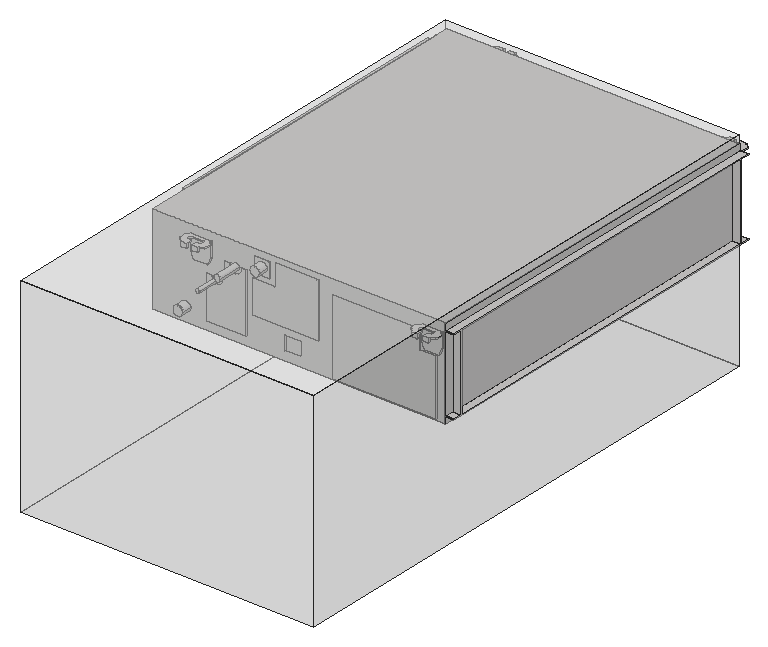
Revit family "outputfile", category 機械設備, Revit 2024
Family settings
  丸型コネクタ寸法 = 半径を使用
  パーツ タイプ = 標準
  OmniClass 番号 = 23.75.10.24.21.27.27
  OmniClass タイトル = Split System Air Conditioning Units
  作業面ベース = いいえ
  常に垂直 = はい
  ロード時にボイドで切り取り = いいえ
  注釈の向きを維持 = いいえ
  共有 = いいえ
  部屋計算ポイント = はい
Parameters (values of type "FBA24BV2S9")
  Description = ""
  製造元 = "Daikin"
  書き出し IFC クラス(タイプ) = "IfcUnitaryEquipmentType"
  定義済み IFC タイプ(タイプ) = "AIRCONDITIONINGUNIT"
  Cost = 0
  モデル = "FBA24BV2S9"
  Type Comments = ""
  Keynote = ""
  Type Image = (empty or 0)
  Assembly Code = ""
  switch_frequency = yes
  r_Liquid Pipe Size = Liquid Pipe Size / 2  # 4.75 mm
  r_Gas Pipe Size = Gas Pipe Size / 2  # 7.95 mm
  r_Drain Pipe Size = Drain Pipe Size / 2  # 12.5 mm
  lw_power = 770.0 mm  # constant formula
  lh_SA = 138.0 mm  # constant formula
  lw_SA = if(Depth = 550.0 mm, 225.0 mm, if(Depth = 700.0 mm, 300.0 mm, if(Depth = 1000.0 mm, 450.0 mm, if(Depth = 1400.0 mm, 650.0 mm, 725.0 mm))))  # 450.0 mm
  lw_RA = if(Depth = 550.0 mm, 275.0 mm, if(Depth = 700.0 mm, 349.0 mm, if(Depth = 1000.0 mm, 499.0 mm, if(Depth = 1400.0 mm, 699.0 mm, 775.0 mm))))  # 499.0 mm
  lh_power = 60.0 mm + [h***]  # 60.0 mm
  lh_mountinghole1 = lh_mountinghole + [h***]  # 222.0 mm
  lh_RA = 123.0 mm  # constant formula
  ld_power = Depth / 2  # 500.0 mm
  connector_voltage = Voltage_50Hz  # 220 V
  connector_powerinput = [Power Input (Cooling)]  # 1.950 kW
  connector_phase = Phase_50Hz  # 1
  Voltage_comment_50Hz = "220 - 240"
  Voltage_50Hz = 220 V
  URL = ""
  Supply Air Direction [instance] = yes
  Sound Power Level_H speed (dB) = 0
  Phase_50Hz = 1
  Minimum External Static Pressure = 50.00 Pa
  Minimum Circuit Amps_50Hz = 1.8 A
  Maximum Fuse Amps_50Hz = 16.0 A
  Maximum External Static Pressure = 150.00 Pa
  Material_Casing = DAIKIN_GalvanizedSteel_Casing_indoorunit
  lw_mountinghole = 630.0 mm  # constant formula
  lh_gaspipe = 183.0 mm + [h***]  # 183.0 mm
  lh_mountinghole = 222.0 mm  # constant formula
  lh_liquidpipe = 136.0 mm + [h***]  # 136.0 mm
  lh_drainpipe = 207.0 mm + [h***]  # 207.0 mm
  lh_antena = Height - lh_mountinghole + 1.0 mm  # 24.0 mm
  ld_drainpipe = Depth / 2 + 26.0 mm  # 526.0 mm
  ld_liquidpipe = Depth / 2 + 69.0 mm  # 569.0 mm
  ld_gaspipe = Depth / 2 + 65.0 mm  # 565.0 mm
  ld_mountinghole = Depth + 38.0 mm  # 1038.0 mm
  h*** = 0.0 mm  # constant formula
  lw_liquidpipe = 179.0 mm  # constant formula
  lw_gaspipe = 229.0 mm  # constant formula
  lw_drainpipe = 300.0 mm  # constant formula
  Width = 800.0 mm
  Version = "ver.1.0"
  Unit Type = "M.S.P. Duct"
  Unit Mass Weight = 37.00 kg
  Unit Designation [instance] = ""
  Uniclass2015Version = "Products v1.30"
  Uniclass2015Title = "Split coil room air conditioning units"
  Uniclass2015Code = "Pr_70_65_03_86"
  Total Cooling Capacity [instance] = 0.000 kW
  Sound Pressure Level_M speed (dBA) = 35
  Sound Pressure Level_L speed (dBA) = 33
  Sound Pressure Level_H speed (dBA) = 38
  Series = "SkyAir_Fan Coil Unit"
  Sensible Cooling Capacity [instance] = 0.000 kW
  SA Duct Size Width = 792.0 mm
  SA Duct Size Height = 176.0 mm
  Refrigerant Type = "R32"
  RA Duct Size Width = 952.0 mm
  RA Duct Size Height = 208.0 mm
  Power Input (Cooling) = 1.950 kW
  Option Accessory 3 [instance] = ""
  Option Accessory 2 [instance] = ""
  Option Accessory 1 [instance] = ""
  Nominal Cooling Capacity = 7.000 kW
  Minimum Airflow = 960.00 m³/h
  Median Airflow = 1170.00 m³/h
  Maximum Airflow = 1380.00 m³/h
  Load Classification = HVAC
  Liquid Pipe Size = 9.5 mm
  Link_Nested Family [instance] = ""
  IfcVersion = ""
  IfcExportType = "AIRCONDITIONINGUNIT"
  IfcExportAs = "IfcUnitaryEquipmentType"
  Height = 245.0 mm
  Heat Exchanger Type = "Cross Fin Coil"
  Gas Pipe Size = 15.9 mm
  Frequency_50Hz = 50 Hz
  Fan Type = "Sirocco Fan"
  Fan Drive = "Direct Drive"
  FCU Tag No. [instance] = ""
  Drain Pipe Size = 25.0 mm
  Design Supply Airflow [instance] = 0.00 m³/h
  Design Return Airflow [instance] = 0.00 m³/h
  Design External Static Pressure [instance] = 0.00 Pa
  Depth = 1000.0 mm
  既定の高さ = 0.0 mm
  Cooling Entering Wet Bulb Temperature [instance] = 0.00 °C
  Cooling Entering Dry Bulb Temperature [instance] = 0.00 °C
  Cooling Ambient Wet Bulb Temperature [instance] = 0.00 °C
  Cooling Ambient Dry Bulb Temperature [instance] = 0.00 °C
  Clearance visibility [instance] = yes
  Clearance Top = 20.0 mm
  Clearance Right = 0.0 mm
  Clearance Rear = 0.0 mm
  Clearance Left = 0.0 mm
  Clearance Front = 450.0 mm
  Clearance Bottom = 300.0 mm
Reference planes
  plane 1 "Center (Front/Back)": y = 0
  plane 2 "h": z = 0
  plane 3 "Center (Left/Right)": x = 0
  plane 4 "Back": y = 500
  plane 5 "Front": y = -500
  plane 6 "Left": x = -400
  plane 7 "Right": x = 400
  plane 8 "Top": z = 0
  plane 9 "Bottom": z = -245
  plane 10: y = -215
  plane 11: y = 500
  plane 12: y = -950
  plane 13: x = -400
  plane 14: x = 400
  plane 15: z = 20
  plane 16: z = -545
  plane 17: x = -400
  plane 18: x = -399
  plane 19: x = 399
  plane 20: y = 50
  plane 21: y = -1
  plane 22: z = -122
  plane 23: y = -501
  plane 24: z = -109
  plane 25: x = -221
  plane 26: y = -565
  plane 27: z = -62
  plane 28: x = -171
  plane 29: y = -526
  plane 30: z = -38
  plane 31: x = -100
  plane 32: x = -100
  plane 33: x = -221
  plane 34: x = -171
  plane 35: x = 370
  plane 36: x = -266
  plane 37: x = 364
  plane 38: y = -519
  plane 39: y = 519
  plane 40: z = -23
  plane 41: z = -107
  plane 42: y = -569
  plane 43: z = -207
  plane 44: x = -309
  plane 45: y = -376
  plane 46: x = -251
  plane 47: x = -203
  plane 48: x = -144
  plane 49: z = -59
  plane 50: z = -106
  plane 51: z = -221
  plane 52: z = -109
  plane 53: x = -221
  plane 54: z = -62
  plane 55: x = -171
  plane 56: z = -17
  plane 57: z = -59
  plane 58: x = -121
  plane 59: x = -79
  plane 60: x = -125
  plane 61: x = -64
  plane 62: x = 53
  plane 63: z = -164
  plane 64: z = -73
  plane 65: z = -16
  plane 66: x = 93.5
  plane 67: x = 374.5
  plane 68: x = 330
  plane 69: z = -88.5
  plane 70: z = -38
  plane 71: z = -242.5
  plane 72: x = -38.5
  plane 73: x = 6.5
  plane 74: z = -181
  plane 75: z = -221
  plane 76: y = -499
  plane 77: x = -424
  plane 78: x = 424
Forms (mm)
  Extrusion 1, solid, material "DAIKIN_GalvanizedSteel_Casing_indoorunit" <- "Material_Casing"
    sketch origin (0, 0, 0) x (1, 0, 0) y (0, 1, 0)
      loop
        line (-399, 500) -> (-399, -500) -> (399, -500) -> (399, 500) -> (-399, 500)
    from -245 to 0
  Extrusion 2, solid, material "DAIKIN_GalvanizedSteel_Casing_indoorunit" <- "Material_Casing"
    sketch origin (0, 0, 0) x (1, 0, 0) y (0, 0, 1)
      loop
        line (-251, -221) -> (-144, -221) -> (-144, -59) -> (-154.47, -59)
        arc (-154.47, -59) -> (-171, -78.8) -> (-187.53, -59) r 16.8
        line (-187.53, -59) -> (-203, -59) -> (-203, -106) -> (-206.916, -106)
        arc (-206.916, -106) -> (-221, -123.4) -> (-235.084, -106) r 14.4
        line (-235.084, -106) -> (-251, -106) -> (-251, -221)
    from 500 to 501
  Extrusion 3, solid, material "DAIKIN_GalvanizedSteel_Casing_indoorunit" <- "Material_Casing"
    sketch origin (0, 0, 0) x (1, 0, 0) y (0, 0, 1)
      loop
        line (-121, -17) -> (-121, -59) -> (-79, -59) -> (-79, -17) -> (-121, -17)
      loop
        line (-125, -73) -> (-125, -164) -> (53, -164) -> (53, -16) -> (-64, -16) -> (-64, -73) -> (-125, -73)
    from 500 to 501
  Extrusion 4, solid, material "DAIKIN_GalvanizedSteel_Casing_indoorunit" <- "Material_Casing"
    sketch origin (0, 0, 0) x (1, 0, 0) y (0, 0, 1)
      loop
        line (93.5, -38) -> (93.5, -242.5) -> (374.5, -242.5) -> (374.5, -88.5) -> (330, -88.5) -> (330, -38) -> (93.5, -38)
    from 500 to 501
  Extrusion 5, solid, material "DAIKIN_GalvanizedSteel_Casing_indoorunit" <- "Material_Casing"
    sketch origin (0, 0, 0) x (1, 0, 0) y (0, 0, 1)
      loop
        circle (-221, -109) r 4.75
    from 500 to 569
  Extrusion 6, solid, material "DAIKIN_GalvanizedSteel_Casing_indoorunit" <- "Material_Casing"
    sketch origin (0, 0, 0) x (1, 0, 0) y (0, 0, 1)
      loop
        circle (-171, -62) r 7.95
    from 500 to 565
  Extrusion 7, solid, material "DAIKIN_GalvanizedSteel_Casing_indoorunit" <- "Material_Casing"
    sketch origin (0, 0, 0) x (1, 0, 0) y (0, 0, 1)
      loop
        circle (-100, -38) r 12.5
    from 501 to 526
  Extrusion 8, solid, material "DAIKIN_GalvanizedSteel_Casing_indoorunit" <- "Material_Casing"
    sketch origin (0, 0, 0) x (1, 0, 0) y (0, 0, 1)
      loop
        circle (-309, -207) r 13
    from 500 to 526
  Extrusion 9, void
    sketch origin (0, 0, 0) x (1, 0, 0) y (0, 0, 1)
      loop
        line (-38.5, -181) -> (-38.5, -221) -> (6.5, -221) -> (6.5, -181) -> (-38.5, -181)
    from 499 to 500
Cuts and joins
  Extrusion 9 cuts Extrusion 1
Dimensions and locks
  "Height": plane 8 "Top" to plane 9 "Bottom"
  equal spacing: plane 4 "Back", plane 1 "Center (Front/Back)", plane 5 "Front"
  "Depth": plane 4 "Back" to plane 5 "Front"
  equal spacing: plane 6 "Left", plane 3 "Center (Left/Right)", plane 7 "Right"
  "Width": plane 6 "Left" to plane 7 "Right"
  "Clearance Left": plane 13 to plane 6 "Left"
  "Clearance Right": plane 7 "Right" to plane 14
  "Clearance Rear": plane 11 to plane 4 "Back"
  "Clearance Front": plane 5 "Front" to plane 12
  "Clearance Top": plane 15 to plane 8 "Top"
  "Clearance Bottom": plane 9 "Bottom" to plane 16
  locked: plane 17 to plane 18 at 1
  locked: plane 19 to plane 14 at 1
  "lw_SA": plane 11 to plane 20
  "lw_RA": plane 21 to plane 5 "Front"
  "lh_RA": plane 22 to plane 9 "Bottom"
  locked: plane 5 "Front" to plane 23 at 1
  "lw_liquidpipe": plane 25 to plane 6 "Left"
  "lh_liquidpipe": plane 24 to plane 9 "Bottom"
  "lh_gaspipe": plane 27 to plane 9 "Bottom"
  "lw_gaspipe": plane 28 to plane 6 "Left"
  "ld_gaspipe": plane 26 to plane 1 "Center (Front/Back)"
  "ld_drainpipe": plane 29 to plane 1 "Center (Front/Back)"
  "lh_drainpipe": plane 30 to plane 9 "Bottom"
  "lw_drainpipe": plane 31 to plane 6 "Left"
  "lw_drainpipe": plane 6 "Left" to plane 32
  "lw_liquidpipe": plane 6 "Left" to plane 33
  "lw_gaspipe": plane 6 "Left" to plane 34
  "lw_power": plane 6 "Left" to plane 35
  locked: plane 17 to plane 36 at 134
  "lw_mountinghole": plane 36 to plane 37
  equal spacing: plane 38, plane 1 "Center (Front/Back)", plane 39
  "ld_mountinghole": plane 39 to plane 38
  "lh_mountinghole": plane 40 to plane 9 "Bottom"
  "lh_SA": plane 41 to plane 9 "Bottom"
  locked: plane 44 to plane 6 "Left" at 91
  locked: plane 43 to plane 9 "Bottom" at 38
  plane 48 to plane 47 to plane 46 to plane 6 "Left" = 59.0 mm, 48.0 mm, 149.0 mm
  plane 8 "Top" to plane 49 to plane 50 to plane 51 = 59.0 mm locked, 47.0 mm locked, 115.0 mm locked
  plane 55 to plane 53 to plane 6 "Left" = 50.0 mm locked, 179.0 mm locked
  plane 54 to plane 52 to plane 9 "Bottom" = 47.0 mm locked, 136.0 mm locked
  plane 59 to plane 58 to plane 6 "Left" = 42.0 mm locked, 279.0 mm locked
  plane 8 "Top" to plane 56 to plane 57 = 17.0 mm locked, 42.0 mm locked
  plane 62 to plane 61 to plane 60 to plane 6 "Left" = 117.0 mm, 61.0 mm, 275.0 mm
  plane 8 "Top" to plane 65 to plane 64 = 16.0 mm locked, 57.0 mm locked
  locked: plane 65 to plane 63 at 148
  plane 8 "Top" to plane 70 to plane 69 to plane 71 = 38.0 mm locked, 50.5 mm locked, 154.0 mm locked
  plane 67 to plane 68 to plane 66 to plane 6 "Left" = 44.5 mm locked, 236.5 mm locked, 493.5 mm locked
  plane 8 "Top" to plane 74 to plane 75 = 181.0 mm locked, 40.0 mm locked
  plane 73 to plane 72 to plane 6 "Left" = 45.0 mm, 361.5 mm
  locked: plane 76 to plane 5 "Front" at 1
  locked: plane 77 to plane 17 at 24
  locked: plane 14 to plane 78 at 24
  "ld_liquidpipe": plane 42 to plane 1 "Center (Front/Back)"
  "r_Liquid Pipe Size": radius of Extrusion 5 sketch curve
  "r_Gas Pipe Size": radius of Extrusion 6 sketch curve
  "r_Drain Pipe Size": radius of Extrusion 7 sketch curve
  aligned and locked: level to plane 2 "h"
  aligned and locked: plane 8 "Top" to Extrusion 1
  aligned and locked: Extrusion 1 to plane 9 "Bottom"
  aligned and locked: nested 5 to plane 12
  aligned and locked: plane 13 to nested 5
  aligned and locked: plane 14 to nested 5
  aligned and locked: nested 5 to plane 13
  aligned and locked: plane 11 to nested 5
  aligned and locked: plane 15 to nested 5
  aligned and locked: plane 16 to nested 5
  aligned and locked: plane 5 "Front" to Extrusion 1 sketch curve
  aligned and locked: Extrusion 1 to plane 18
  aligned and locked: plane 19 to Extrusion 1
  aligned and locked: nested 7 to plane 18
  aligned and locked: nested 7 to plane 20
  aligned and locked: plane 19 to nested 8
  aligned and locked: plane 21 to nested 8
  aligned and locked: plane 22 to nested 8
  aligned and locked: Extrusion 2 to plane 23
  aligned and locked: plane 5 "Front" to Extrusion 2
  aligned and locked: Extrusion 3 to plane 23
  aligned and locked: plane 5 "Front" to Extrusion 3
  aligned and locked: plane 5 "Front" to Extrusion 4
  aligned and locked: Extrusion 5 sketch curve to plane 25
  aligned and locked: plane 24 to Extrusion 5 sketch curve
  aligned and locked: plane 5 "Front" to Extrusion 5
  aligned and locked: Extrusion 6 sketch curve to plane 28
  aligned and locked: plane 27 to Extrusion 6 sketch curve
  aligned and locked: plane 5 "Front" to Extrusion 6
  aligned and locked: Extrusion 7 sketch curve to plane 31
  aligned and locked: Extrusion 7 sketch curve to plane 30
  aligned and locked: Extrusion 7 to plane 29
  aligned and locked: plane 23 to Extrusion 7
  aligned and locked: nested 3 to plane 29
  aligned and locked: plane 32 to nested 3
  aligned and locked: nested 2 to plane 33
  aligned and locked: nested 1 to plane 34
  aligned and locked: Extrusion 6 to plane 26
  aligned and locked: nested 1 to plane 26
  aligned and locked: nested 6 to plane 5 "Front"
  aligned and locked: nested 6 to plane 35
  aligned and locked: plane 36 to nested 10
  aligned and locked: nested 10 to plane 5 "Front"
  aligned and locked: plane 37 to nested 9
  aligned and locked: nested 9 to plane 5 "Front"
  aligned and locked: nested 11 to plane 36
  aligned and locked: plane 4 "Back" to nested 11
  aligned and locked: nested 12 to plane 37
  aligned and locked: plane 4 "Back" to nested 12
  aligned and locked: plane 40 to nested 10
  aligned and locked: plane 40 to nested 11
  aligned and locked: plane 40 to nested 9
  aligned and locked: plane 40 to nested 12
  aligned and locked: plane 36 to nested 14
  aligned and locked: nested 14 to plane 39
  aligned and locked: plane 37 to nested 13
  aligned and locked: nested 13 to plane 39
  aligned and locked: plane 37 to nested 16
  aligned and locked: plane 38 to nested 16
  aligned and locked: plane 38 to nested 15
  aligned and locked: plane 36 to nested 15
  aligned and locked: plane 17 to plane 6 "Left"
  aligned and locked: plane 41 to nested 7
  aligned and locked: Extrusion 5 to plane 42
  aligned and locked: nested 2 to plane 42
  aligned and locked: Extrusion 8 sketch curve to plane 44
  aligned and locked: plane 43 to Extrusion 8 sketch curve
  aligned and locked: plane 5 "Front" to Extrusion 8
  aligned and locked: Extrusion 3 sketch curve to plane 56
  aligned and locked: Extrusion 3 sketch curve to plane 58
  aligned and locked: plane 57 to Extrusion 3 sketch curve
  aligned and locked: plane 59 to Extrusion 3 sketch curve
  aligned and locked: Extrusion 4 to plane 23
  aligned and locked: Extrusion 9 sketch curve to plane 74
  aligned and locked: plane 75 to Extrusion 9 sketch curve
  aligned and locked: plane 73 to Extrusion 9 sketch curve
  aligned and locked: plane 5 "Front" to Extrusion 9
  aligned and locked: plane 76 to Extrusion 9
  aligned and locked: nested 17 to plane 20
  aligned and locked: nested 17 to plane 77
  aligned and locked: plane 21 to nested 18
  aligned and locked: plane 78 to nested 18
  aligned and locked: plane 41 to nested 17
  aligned and locked: nested 18 to plane 22
  aligned and locked: nested 4 to plane 3 "Center (Left/Right)"
  aligned and locked: plane 1 "Center (Front/Back)" to nested 4
  aligned and locked: level to plane 8 "Top"
Automatic sketch dimensions
  plane 6 "Left" to Extrusion 1 sketch curve = 1.0 mm
  Extrusion 1 sketch curve to plane 7 "Right" = 1.0 mm
  Extrusion 1 sketch curve to plane 4 "Back" = 0.0 mm
  Extrusion 2 sketch curve to plane 46 = 0.0 mm
  Extrusion 2 sketch curve to plane 33 = 0.0 mm
  Extrusion 2 sketch curve to plane 47 = 0.0 mm
  Extrusion 2 sketch curve to plane 34 = 0.0 mm
  Extrusion 2 sketch curve to plane 48 = 0.0 mm
  Extrusion 2 sketch curve to plane 51 = 0.0 mm
  Extrusion 2 sketch curve to plane 52 = 0.0 mm
  Extrusion 2 sketch curve to plane 50 = 0.0 mm  (x3)
  Extrusion 2 sketch curve to plane 54 = 0.0 mm
  Extrusion 2 sketch curve to plane 49 = 0.0 mm  (x3)
  plane 33 to Extrusion 2 sketch curve = 14.084 mm
  plane 34 to Extrusion 2 sketch curve = 16.53 mm
  Extrusion 3 sketch curve to plane 60 = 0.0 mm
  Extrusion 3 sketch curve to plane 61 = 0.0 mm
  Extrusion 3 sketch curve to plane 62 = 0.0 mm
  Extrusion 3 sketch curve to plane 63 = 0.0 mm
  Extrusion 3 sketch curve to plane 64 = 0.0 mm
  Extrusion 3 sketch curve to plane 65 = 0.0 mm
  Extrusion 4 sketch curve to plane 66 = 0.0 mm
  Extrusion 4 sketch curve to plane 68 = 0.0 mm
  Extrusion 4 sketch curve to plane 67 = 0.0 mm
  Extrusion 4 sketch curve to plane 71 = 0.0 mm
  Extrusion 4 sketch curve to plane 69 = 0.0 mm
  Extrusion 4 sketch curve to plane 70 = 0.0 mm
  Extrusion 9 sketch curve to plane 72 = 0.0 mm
  radius of Extrusion 8 sketch curve = 13.0 mm
Nested families
  nested 1: "daikin_connector_rotate2" at (-171, 0, -62), length <- "ld_gaspipe", built-in parameter 1001364 <- "lh_gaspipe", radius <- "r_Gas Pipe Size", type "daikin_connector_rotate2"
    with radius 7.95 mm, length 565.0 mm, angle_vertical 90.00°
  nested 2: "daikin_connector_rotate2" at (-221, 0, -109), length <- "ld_liquidpipe", built-in parameter 1001364 <- "lh_liquidpipe", radius <- "r_Liquid Pipe Size", type "daikin_connector_rotate2"
    with radius 4.75 mm, length 569.0 mm, angle_vertical 90.00°
  nested 3: "daikin_connector_rotate2" at (-100, 0, -38), length <- "ld_drainpipe", built-in parameter 1001364 <- "lh_drainpipe", radius <- "r_Drain Pipe Size", type "daikin_connector_rotate2"
    with radius 12.5 mm, length 526.0 mm, angle_vertical 90.00°
  nested 4: "daikin_△_symbolicline" at (0, 0, 245) x (0, -1, 0) z (0, 0, 1), built-in parameter 1001364 <- "Height", visible <- "Supply Air Direction", type "daikin_△_symbolicline"
    with length 200.0 mm
  nested 5: "daikin_clearancespace" at (0, -225, -262.381), visible <- "Clearance visibility", show <- "Clearance visibility", Link_Nested Family <- "Link_Nested Family", type "daikin_clearancespace"
    with width 800.0 mm, show yes, height 565.0 mm, depth 1450.0 mm, Link_Nested Family ""
  nested 6: "daikin_connector_rotate2" at (370, 0, -185), built-in parameter 1001364 <- "lh_power", length <- "ld_power", type "daikin_connector_rotate2"
    with radius 10.0 mm, length 500.0 mm, angle_vertical 90.00°
  nested 7: "daikin_ductflange_FBA-BV2S92" at (-399, 50, -107) x (0, -1, 0) z (0, 0, 1), type "daikin_ductflange_FBA-BV2S92"
    with width 792.0 mm, w 1000.0 mm
  nested 8: "daikin_ductflange_FBA-BV2S9" at (399, -1, -122) x (0, 1, 0) z (0, 0, 1), type "daikin_ductflange_FBA-BV2S9"
    with width 952.0 mm, lw 25.0 mm, w 1000.0 mm
  nested 9: "daikin_hangerfixture_FBA-BV2S9" at (364, -500, -23), type "daikin_hangerfixture_FBA-BV2S9"
  nested 10: "daikin_hangerfixture_FBA-BV2S9" at (-266, -500, -23), type "daikin_hangerfixture_FBA-BV2S9"
  nested 11: "daikin_hangerfixture_FBA-BV2S9" at (-266, 500, -23) x (-1, 0, 0) z (0, 0, 1), type "daikin_hangerfixture_FBA-BV2S9"
  nested 12: "daikin_hangerfixture_FBA-BV2S9" at (364, 500, -23) x (-1, 0, 0) z (0, 0, 1), type "daikin_hangerfixture_FBA-BV2S9"
  nested 13: "daikin_mountinghole" at (364, 519, -245), h_mountinghole <- "lh_mountinghole1", l_antenna <- "lh_antena", Link_Nested Family <- "Link_Nested Family", type "daikin_mountinghole"
    with show yes, l_antenna 24.0 mm, h_mountinghole 222.0 mm, Link_Nested Family ""
  nested 14: "daikin_mountinghole" at (-266, 519, -245), h_mountinghole <- "lh_mountinghole1", l_antenna <- "lh_antena", Link_Nested Family <- "Link_Nested Family", type "daikin_mountinghole"
    with show yes, l_antenna 24.0 mm, h_mountinghole 222.0 mm, Link_Nested Family ""
  nested 15: "daikin_mountinghole" at (-266, -519, -245), h_mountinghole <- "lh_mountinghole1", l_antenna <- "lh_antena", Link_Nested Family <- "Link_Nested Family", type "daikin_mountinghole"
    with show yes, l_antenna 24.0 mm, h_mountinghole 222.0 mm, Link_Nested Family ""
  nested 16: "daikin_mountinghole" at (364, -519, -245), h_mountinghole <- "lh_mountinghole1", l_antenna <- "lh_antena", Link_Nested Family <- "Link_Nested Family", type "daikin_mountinghole"
    with show yes, l_antenna 24.0 mm, h_mountinghole 222.0 mm, Link_Nested Family ""
  nested 17: "daikin_connector_rotate2" at (-400, 50, -107) x (0, -1, 0) z (0, 0, 1), type "daikin_connector_rotate2"
    with radius 10.0 mm, length 24.0 mm, angle_vertical 90.00°
  nested 18: "daikin_connector_rotate2" at (400, -1, -122) x (0, 1, 0) z (0, 0, 1), type "daikin_connector_rotate2"
    with radius 10.0 mm, length 24.0 mm, angle_vertical 90.00°
Connectors
  piping at (-100, -526, -38), diameter 25, driven by "r_Drain Pipe Size"
    settings: on nested 3, index 3, connector inside diameter 609.6 mm, connector length 0.0 mm, flow factor 0, pipe flow 0.00 m³/h, pressure drop 0.0 Pa, fitting loss kfactor 0, connector angle 0.00°, fixture units 0, engagement length 0.0 mm, angle of deflection 0.00°, flow configuration 1, flow direction 2, fitting loss method 4, system type 16, joint type 0, gender type 0, connector reference index -1, connector utility 0, adjustable connector no, is connector primary yes, connector description "Condensate Drain Piping"
  piping at (-171, -565, -62), diameter 15.9, driven by "r_Gas Pipe Size"
    settings: on nested 1, index 4, connector inside diameter 609.6 mm, connector length 0.0 mm, flow factor 0, pipe flow 0.00 m³/h, pressure drop 0.0 Pa, fitting loss kfactor 0, connector angle 0.00°, fixture units 0, engagement length 0.0 mm, angle of deflection 0.00°, flow configuration 1, flow direction 2, fitting loss method 0, system type 29, joint type 0, gender type 0, connector reference index -1, connector utility 0, adjustable connector no, is connector primary no, connector description "Refrigerant Gas Piping"
  piping at (-221, -569, -109), diameter 9.5, driven by "r_Liquid Pipe Size"
    settings: on nested 2, index 5, connector inside diameter 609.6 mm, connector length 0.0 mm, flow factor 0, pipe flow 0.00 m³/h, pressure drop 0.0 Pa, fitting loss kfactor 0, connector angle 0.00°, fixture units 0, engagement length 0.0 mm, angle of deflection 0.00°, flow configuration 1, flow direction 1, fitting loss method 0, system type 29, joint type 0, gender type 0, connector reference index -1, connector utility 0, adjustable connector no, is connector primary no, connector description "Refrigerant Liquid Piping"
  electrical at (370, -500, -185), driven by "Load Classification", driven by "connector_phase", driven by "connector_powerinput", driven by "connector_voltage"
    settings: on nested 6, index 6, voltage 220 V, apparent load 1950 VA, apparent load phase1 0 VA, apparent load phase2 0 VA, apparent load phase3 0 VA, power factor 1, load classification "HVAC", number of poles 1, system type 30, power factor state 1, is connector primary yes, connector utility no, sub classification motor no, connector description "Power Supply"
  hvac at (-424, 50, -107), driven by "SA Duct Size Height", driven by "SA Duct Size Width"
    settings: on nested 17, index 7, duct flow 0.00 m³/h, flow factor 0, pres drop 0.00 Pa, loss coef 0, conn angle 0.00°, conn width 792.0 mm, conn height 176.0 mm, conn diameter 609.6 mm, duct sys type 1, conn prof type 1, flow config 0, flow direction 2, loss method 4, conn ref index -1, conn util no, is conn primary yes, conn desc "SA Duct"
  hvac at (424, -1, -122), driven by "RA Duct Size Height", driven by "RA Duct Size Width"
    settings: on nested 18, index 8, duct flow 0.00 m³/h, flow factor 0, pres drop 0.00 Pa, loss coef 0, conn angle 0.00°, conn width 952.0 mm, conn height 208.0 mm, conn diameter 609.6 mm, duct sys type 2, conn prof type 1, flow config 0, flow direction 1, loss method 4, conn ref index -1, conn util no, is conn primary no, conn desc "RA Duct"
Definition of nested family "daikin_clearancespace"
  Parameters (values of type "daikin_clearancespace")
    Description = "daikin_clearancespace"
    width [instance] = 1823.963 mm
    show [instance] = yes
    material = none
    height [instance] = 1359.762 mm
    depth [instance] = 880.0 mm
    Default Elevation = 0.0 mm
    Link_Nested Family [instance] = ""
  Reference planes
    plane 1 "Center (Front/Back)": y = 0
    plane 2 "Center (Elevation)": z = -0.119
    plane 3 "Center (Left/Right)": x = 0
    plane 4: y = 440
    plane 5: y = -440
    plane 6 "Right": x = 911.982
    plane 7 "Left": x = -911.982
    plane 8 "Top": z = 679.762
    plane 9 "Bottom": z = -680
  Forms (mm)
    Extrusion 1, solid, material <- "material", visible <- "show"
      sketch origin (0, 0, 0) x (1, 0, 0) y (0, 1, 0)
        loop
          line (-911.982, 440) -> (-911.982, -440) -> (911.982, -440) -> (911.982, 440) -> (-911.982, 440)
      from -680 to 679.762
  Lines and regions (mm)
    symbolic lines, visible <- "show"
      curve 1: line (911.982, 440, 0) -> (-911.982, 440, 0)
      curve 2: line (-911.982, 440, 0) -> (-911.982, -440, 0)
      curve 3: line (-911.982, -440, 0) -> (911.982, -440, 0)
      curve 4: line (911.982, -440, 0) -> (911.982, 440, 0)
      curve 5: line (911.982, 0, 679.762) -> (-911.982, 0, 679.762)
      curve 6: line (911.982, 0, -680) -> (911.982, 0, 679.762)
      curve 7: line (-911.982, 0, -680) -> (911.982, 0, -680)
      curve 8: line (-911.982, 0, 679.762) -> (-911.982, 0, -680)
      curve 9: line (0, 440, 679.762) -> (0, -440, 679.762)
      curve 10: line (0, -440, 679.762) -> (0, -440, -680)
      curve 11: line (0, 440, -680) -> (0, 440, 679.762)
      curve 12: line (0, -440, -680) -> (0, 440, -680)
  Dimensions and locks
    "width": plane 7 "Left" to plane 6 "Right"
    "depth": plane 4 to plane 5
    "height": plane 8 "Top" to plane 9 "Bottom"
    equal spacing: plane 7 "Left", plane 3 "Center (Left/Right)", plane 6 "Right"
    equal spacing: plane 4, plane 1 "Center (Front/Back)", plane 5
    equal spacing: plane 8 "Top", plane 2 "Center (Elevation)", plane 9 "Bottom"
    aligned and locked: level to plane 2 "Center (Elevation)"
    aligned and locked: Extrusion 1 sketch curve to plane 4
    aligned and locked: plane 7 "Left" to Extrusion 1 sketch curve
    aligned and locked: Extrusion 1 sketch curve to plane 5
    aligned and locked: Extrusion 1 sketch curve to plane 6 "Right"
    aligned and locked: plane 8 "Top" to Extrusion 1
    aligned and locked: curve 1 to Extrusion 1
    aligned and locked: curve 2 to Extrusion 1
    aligned and locked: curve 3 to Extrusion 1
    aligned and locked: curve 4 to Extrusion 1
    aligned and locked: curve 5 to Extrusion 1
    aligned and locked: curve 6 to Extrusion 1
    aligned and locked: curve 7 to Extrusion 1
    aligned and locked: curve 8 to Extrusion 1
    aligned and locked: curve 9 to Extrusion 1
    aligned and locked: curve 10 to Extrusion 1
    aligned and locked: curve 11 to Extrusion 1
    aligned and locked: curve 12 to Extrusion 1
    aligned and locked: Extrusion 1 to plane 9 "Bottom"
Definition of nested family "daikin_ductflange_FBA-BV2S92"
  Parameters (values of type "daikin_ductflange_FBFC-DVMG2")
    width = if(w = 550.0 mm, 337.0 mm, if(w = 700.0 mm, 492.0 mm, if(w = 1000.0 mm, 792.0 mm, if(w = 1400.0 mm, 1192.0 mm, 1337.0 mm))))  # 1192.0 mm
    material = none
    height = 215.0 mm
    depth = 1.0 mm
    w = 1400.0 mm
    Default Elevation = 0.0 mm
  Reference planes
    plane 1 "Center (Front/Back)": y = 0
    plane 2: z = 0
    plane 3 "Center (Left/Right)": x = 0
    plane 4: z = 88
    plane 5: z = -88
    plane 6: y = -25
    plane 7: z = 106
    plane 8: z = 89
    plane 9: y = -1
    plane 10: x = -617.5
    plane 11: x = 617.5
    plane 12: z = -106
    plane 13: z = -89
    plane 14: y = -1
    plane 15: x = 596
    plane 16: x = -596
    plane 17: x = 597
    plane 18: z = 87
    plane 19: z = -87
    plane 20: x = -597
    plane 21: z = 87
    plane 22: z = -87
    plane 23: y = -1
  Forms (mm)
    Extrusion 1, solid, material <- "material"
      sketch origin (0, 0, 0) x (0, 1, 0) y (0, 0, 1)
        loop
          line (-25, 88) -> (0, 88) -> (0, 106) -> (-1, 106) -> (-1, 89) -> (-25, 89) -> (-25, 88)
      from -617.5 to 617.5
    Extrusion 2, solid, material <- "material"
      sketch origin (0, 0, 0) x (0, 1, 0) y (0, 0, 1)
        loop
          line (-25, -88) -> (-25, -89) -> (-1, -89) -> (-1, -106) -> (0, -106) -> (0, -88) -> (-25, -88)
      from -617.5 to 617.5
    Extrusion 3, solid, material <- "material"
      sketch origin (0, 0, 0) x (1, 0, 0) y (0, 0, 1)
        loop
          line (596, 88) -> (596, -88) -> (617.5, -88) -> (617.5, -87) -> (597, -87) -> (597, 87) -> (617.5, 87) -> (617.5, 88) -> (596, 88)
      from 0 to 25
    Extrusion 4, solid, material <- "material"
      sketch origin (0, 0, 0) x (1, 0, 0) y (0, 0, 1)
        loop
          line (-617.5, 88) -> (-617.5, 87) -> (-597, 87) -> (-597, -87) -> (-617.5, -87) -> (-617.5, -88) -> (-596, -88) -> (-596, 88) -> (-617.5, 88)
      from 0 to 25
    Extrusion 5, solid, material <- "material"
      sketch origin (0, 0, 0) x (1, 0, 0) y (0, 0, 1)
        loop
          line (-617.5, 88) -> (-617.5, -88) -> (-596, -88) -> (-596, 88) -> (-617.5, 88)
        loop
          line (617.5, 88) -> (596, 88) -> (596, -88) -> (617.5, -88) -> (617.5, 88)
      from 0 to 1
  Cuts and joins
    joined: Extrusion 1, Extrusion 2, Extrusion 3, Extrusion 4, Extrusion 5
  Dimensions and locks
    plane 4 to level to plane 5 = 88.0 mm, 88.0 mm
    locked: plane 6 to plane 1 "Center (Front/Back)" at 25
    locked: plane 9 to plane 1 "Center (Front/Back)" at 1
    locked: plane 8 to plane 4 at 1
    locked: plane 16 to plane 10 at 21.5
    locked: plane 17 to plane 15 at 1
    locked: plane 4 to plane 18 at 1
    locked: plane 19 to plane 5 at 1
    "width": plane 15 to plane 16
    plane 4 to plane 5 = 176.0 mm
    locked: plane 16 to plane 20 at 1
    locked: plane 4 to plane 21 at 1
    locked: plane 22 to plane 5 at 1
    locked: plane 23 to plane 1 "Center (Front/Back)" at 1
    plane 4 to level to plane 5 = 88.0 mm locked, 88.0 mm locked
    locked: plane 5 to plane 13 at 1
    locked: plane 5 to plane 12 at 18
    locked: plane 7 to plane 4 at 18
    equal spacing: plane 15, plane 3 "Center (Left/Right)", plane 16
    locked: plane 11 to plane 15 at 21.5
    plane 11 to plane 10 = 1235.0 mm
    aligned and locked: level to plane 2
    aligned and locked: Extrusion 1 to plane 10
    aligned and locked: plane 11 to Extrusion 1
    aligned and locked: plane 5 to Extrusion 2
    aligned and locked: Extrusion 2 to plane 1 "Center (Front/Back)"
    aligned and locked: plane 15 to Extrusion 3 sketch curve
    aligned and locked: Extrusion 3 sketch curve to Extrusion 2  (x2)
    aligned and locked: Extrusion 3 sketch curve to plane 11
    aligned and locked: plane 6 to Extrusion 3
    aligned and locked: Extrusion 2 to plane 10
    aligned and locked: plane 11 to Extrusion 2
    aligned and locked: Extrusion 4 sketch curve to Extrusion 1  (x2)
    aligned and locked: plane 5 to Extrusion 4 sketch curve
    aligned and locked: Extrusion 4 sketch curve to plane 16
    aligned and locked: Extrusion 4 sketch curve to plane 22
    aligned and locked: plane 20 to Extrusion 4 sketch curve
    aligned and locked: plane 21 to Extrusion 4 sketch curve
    aligned and locked: Extrusion 4 to plane 1 "Center (Front/Back)"
    aligned and locked: plane 6 to Extrusion 4
    aligned and locked: Extrusion 5 sketch curve to Extrusion 1  (x4)
    aligned and locked: Extrusion 5 sketch curve to Extrusion 4  (x2)
    aligned and locked: Extrusion 5 sketch curve to Extrusion 3  (x2)
    aligned and locked: Extrusion 5 to plane 1 "Center (Front/Back)"
    aligned and locked: plane 23 to Extrusion 5
  Automatic sketch dimensions
    Extrusion 1 sketch curve to plane 6 = 0.0 mm
    Extrusion 1 sketch curve to plane 7 = 0.0 mm
    Extrusion 1 sketch curve to plane 9 = 0.0 mm
    Extrusion 1 sketch curve to plane 1 "Center (Front/Back)" = 0.0 mm
    Extrusion 1 sketch curve to plane 4 = 0.0 mm
    Extrusion 1 sketch curve to plane 8 = 0.0 mm
    Extrusion 2 sketch curve to plane 6 = 0.0 mm
    plane 12 to Extrusion 2 sketch curve = 0.0 mm
    Extrusion 2 sketch curve to plane 14 = 0.0 mm
    Extrusion 2 sketch curve to plane 1 "Center (Front/Back)" = 0.0 mm
    plane 13 to Extrusion 2 sketch curve = 0.0 mm
    Extrusion 2 sketch curve to plane 5 = 0.0 mm
    Extrusion 3 sketch curve to plane 17 = 0.0 mm
    Extrusion 3 sketch curve to plane 19 = 0.0 mm
    Extrusion 3 sketch curve to plane 18 = 0.0 mm
    Extrusion 3 sketch curve to plane 4 = 0.0 mm
    Extrusion 4 sketch curve to plane 10 = 0.0 mm
Definition of nested family "daikin_ductflange_FBA-BV2S9"
  Parameters (values of type "daikin_ductflange_FBFC-DVMG")
    width = if(w = 550.0 mm, 502.0 mm, if(w = 700.0 mm, 654.0 mm, if(w = 1000.0 mm, 952.0 mm, if(w = 1400.0 mm, 1352.0 mm, 1502.0 mm))))  # 654.0 mm
    material = none
    lw = if(width = 654.0 mm, 23.0 mm, 25.0 mm)  # 23.0 mm
    height = 208.0 mm
    depth = 1.0 mm
    w = 700.0 mm
    Default Elevation = 0.0 mm
  Reference planes
    plane 1 "Center (Front/Back)": y = 0
    plane 2: z = 0
    plane 3 "Center (Left/Right)": x = 0
    plane 4: z = 104
    plane 5: z = -104
    plane 6: y = -25
    plane 7: z = 121
    plane 8: z = 105
    plane 9: y = -1
    plane 10: x = -350
    plane 11: x = 350
    plane 12: z = -122
    plane 13: z = -105
    plane 14: y = -1
    plane 15: x = 327
    plane 16: x = -327
    plane 17: x = 328
    plane 18: z = 103
    plane 19: z = -103
    plane 20: x = -328
    plane 21: z = 103
    plane 22: z = -103
    plane 23: y = -1
  Forms (mm)
    Extrusion 1, solid, material <- "material"
      sketch origin (0, 0, 0) x (0, 1, 0) y (0, 0, 1)
        loop
          line (-25, 104) -> (0, 104) -> (0, 121) -> (-1, 121) -> (-1, 105) -> (-25, 105) -> (-25, 104)
      from -350 to 350
    Extrusion 2, solid, material <- "material"
      sketch origin (0, 0, 0) x (0, 1, 0) y (0, 0, 1)
        loop
          line (-25, -104) -> (-25, -105) -> (-1, -105) -> (-1, -122) -> (0, -122) -> (0, -104) -> (-25, -104)
      from -350 to 350
    Extrusion 3, solid, material <- "material"
      sketch origin (0, 0, 0) x (1, 0, 0) y (0, 0, 1)
        loop
          line (327, 104) -> (327, -104) -> (350, -104) -> (350, -103) -> (328, -103) -> (328, 103) -> (350, 103) -> (350, 104) -> (327, 104)
      from 0 to 25
    Extrusion 4, solid, material <- "material"
      sketch origin (0, 0, 0) x (1, 0, 0) y (0, 0, 1)
        loop
          line (-350, 104) -> (-350, 103) -> (-328, 103) -> (-328, -103) -> (-350, -103) -> (-350, -104) -> (-327, -104) -> (-327, 104) -> (-350, 104)
      from 0 to 25
    Extrusion 5, solid, material <- "material"
      sketch origin (0, 0, 0) x (1, 0, 0) y (0, 0, 1)
        loop
          line (-350, 104) -> (-350, -104) -> (-327, -104) -> (-327, 104) -> (-350, 104)
        loop
          line (350, 104) -> (327, 104) -> (327, -104) -> (350, -104) -> (350, 104)
      from 0 to 1
  Cuts and joins
    joined: Extrusion 1, Extrusion 2, Extrusion 3, Extrusion 4, Extrusion 5
  Dimensions and locks
    plane 4 to level to plane 5 = 104.0 mm, 104.0 mm
    locked: plane 6 to plane 1 "Center (Front/Back)" at 25
    locked: plane 9 to plane 1 "Center (Front/Back)" at 1
    locked: plane 8 to plane 4 at 1
    "lw": plane 11 to plane 15
    "lw": plane 16 to plane 10
    locked: plane 17 to plane 15 at 1
    locked: plane 4 to plane 18 at 1
    locked: plane 19 to plane 5 at 1
    "width": plane 15 to plane 16
    equal spacing: plane 15, plane 3 "Center (Left/Right)", plane 16
    locked: plane 16 to plane 20 at 1
    locked: plane 4 to plane 21 at 1
    locked: plane 22 to plane 5 at 1
    locked: plane 23 to plane 1 "Center (Front/Back)" at 1
    locked: plane 7 to plane 4 at 17
    locked: plane 1 "Center (Front/Back)" to plane 14 at 1
    locked: plane 5 to plane 13 at 1
    "height": plane 4 to plane 5
    plane 11 to plane 10 = 700.0 mm
    locked: plane 12 to plane 13 at 17
    equal spacing: plane 4, level, plane 5
    aligned and locked: level to plane 2
    aligned and locked: Extrusion 1 to plane 10
    aligned and locked: plane 11 to Extrusion 1
    aligned and locked: plane 5 to Extrusion 2
    aligned and locked: Extrusion 2 to plane 1 "Center (Front/Back)"
    aligned and locked: plane 15 to Extrusion 3 sketch curve
    aligned and locked: Extrusion 3 sketch curve to Extrusion 2  (x2)
    aligned and locked: Extrusion 3 sketch curve to plane 11
    aligned and locked: plane 6 to Extrusion 3
    aligned and locked: Extrusion 2 to plane 10
    aligned and locked: plane 11 to Extrusion 2
    aligned and locked: Extrusion 4 sketch curve to Extrusion 1  (x2)
    aligned and locked: plane 5 to Extrusion 4 sketch curve
    aligned and locked: Extrusion 4 sketch curve to plane 16
    aligned and locked: Extrusion 4 sketch curve to plane 22
    aligned and locked: plane 20 to Extrusion 4 sketch curve
    aligned and locked: plane 21 to Extrusion 4 sketch curve
    aligned and locked: Extrusion 4 to plane 1 "Center (Front/Back)"
    aligned and locked: plane 6 to Extrusion 4
    aligned and locked: Extrusion 5 sketch curve to Extrusion 1  (x4)
    aligned and locked: Extrusion 5 sketch curve to Extrusion 4  (x2)
    aligned and locked: Extrusion 5 sketch curve to Extrusion 3  (x2)
    aligned and locked: Extrusion 5 to plane 1 "Center (Front/Back)"
    aligned and locked: plane 23 to Extrusion 5
  Automatic sketch dimensions
    Extrusion 1 sketch curve to plane 6 = 0.0 mm
    Extrusion 1 sketch curve to plane 7 = 0.0 mm
    Extrusion 1 sketch curve to plane 9 = 0.0 mm
    Extrusion 1 sketch curve to plane 1 "Center (Front/Back)" = 0.0 mm
    Extrusion 1 sketch curve to plane 4 = 0.0 mm
    Extrusion 1 sketch curve to plane 8 = 0.0 mm
    Extrusion 2 sketch curve to plane 6 = 0.0 mm
    plane 12 to Extrusion 2 sketch curve = 0.0 mm
    Extrusion 2 sketch curve to plane 14 = 0.0 mm
    Extrusion 2 sketch curve to plane 1 "Center (Front/Back)" = 0.0 mm
    plane 13 to Extrusion 2 sketch curve = 0.0 mm
    Extrusion 2 sketch curve to plane 5 = 0.0 mm
    Extrusion 3 sketch curve to plane 17 = 0.0 mm
    Extrusion 3 sketch curve to plane 19 = 0.0 mm
    Extrusion 3 sketch curve to plane 18 = 0.0 mm
    Extrusion 3 sketch curve to plane 4 = 0.0 mm
    Extrusion 4 sketch curve to plane 10 = 0.0 mm
Definition of nested family "daikin_hangerfixture_FBA-BV2S9"
  Parameters (values of type "daikin_hangerfixture_FXMQ-PAVE")
    width = 72.0 mm
    material = none
    height = 60.0 mm
    depth = 41.0 mm
    Default Elevation = 0.0 mm
  Reference planes
    plane 1 "Center (Front/Back)": y = 0
    plane 2: z = 0
    plane 3 "Center (Left/Right)": x = 0
    plane 4: y = 417.146
    plane 5: y = -41
    plane 6: x = -36
    plane 7: x = 36
    plane 8: z = -2.3
    plane 9: z = -60
    plane 10: y = -2.3
    plane 11: z = -12
    plane 12: y = -38.7
  Forms (mm)
    Extrusion 1, solid, material <- "material"
      sketch origin (0, 0, 0) x (1, 0, 0) y (0, 1, 0)
        loop
          line (-28, 0) -> (-28, -5)
          arc (-28, -5) -> (-29.127, -8.162) -> (-32, -9.899) r 5
          arc (-32, -9.899) -> (-34.873, -11.636) -> (-36, -14.798) r 5
          line (-36, -14.798) -> (-36, -27.178)
          arc (-36, -27.178) -> (-35.429, -29.499) -> (-33.846, -31.289) r 5
          line (-33.846, -31.289) -> (-23, -38.798) -> (-23, -41.098) -> (-6.5, -41.098) -> (-6.5, -28.498)
          arc (-6.5, -28.498) -> (-7.379, -26.377) -> (-9.5, -25.498) r 3
          line (-9.5, -25.498) -> (-13.5, -25.498)
          arc (-13.5, -25.498) -> (-20, -18.998) -> (-13.5, -12.498) r 6.5
          line (-13.5, -12.498) -> (13.5, -12.498)
          arc (13.5, -12.498) -> (20, -18.998) -> (13.5, -25.498) r 6.5
          line (13.5, -25.498) -> (9.5, -25.498)
          arc (9.5, -25.498) -> (7.379, -26.377) -> (6.5, -28.498) r 3
          line (6.5, -28.498) -> (6.5, -41.098) -> (23, -41.098) -> (23, -38.798) -> (33.846, -31.289)
          arc (33.846, -31.289) -> (35.429, -29.499) -> (36, -27.178) r 5
          line (36, -27.178) -> (36, -14.596)
          arc (36, -14.596) -> (34.873, -11.434) -> (32, -9.697) r 5
          arc (32, -9.697) -> (29.127, -7.96) -> (28, -4.798) r 5
          line (28, -4.798) -> (28, 0) -> (-28, 0)
      from 0 to -2.3
    Extrusion 2, solid, material <- "material"
      sketch origin (0, 0, 0) x (1, 0, 0) y (0, 0, 1)
        loop
          line (28, -39.037) -> (28, 0) -> (-28, 0) -> (-28, -39.037)
          arc (-28, -39.037) -> (-27.91, -39.983) -> (-27.642, -40.894) r 5
          line (-27.642, -40.894) -> (-21.257, -56.857)
          arc (-21.257, -56.857) -> (-19.418, -59.14) -> (-16.615, -60) r 5
          line (-16.615, -60) -> (16.615, -60)
          arc (16.615, -60) -> (19.418, -59.14) -> (21.257, -56.857) r 5
          line (21.257, -56.857) -> (27.642, -40.894)
          arc (27.642, -40.894) -> (27.91, -39.983) -> (28, -39.037) r 5
      from 0 to 2.3
    Extrusion 3, solid, material <- "material"
      sketch origin (0, 0, 0) x (1, 0, 0) y (0, 0, 1)
        loop
          line (-23, 0) -> (-23, -9)
          arc (-23, -9) -> (-22.121, -11.121) -> (-20, -12) r 3
          line (-20, -12) -> (-9.5, -12)
          arc (-9.5, -12) -> (-7.379, -11.121) -> (-6.5, -9) r 3
          line (-6.5, -9) -> (-6.5, 0) -> (-23, 0)
        loop
          line (23, 0) -> (6.5, 0) -> (6.5, -9)
          arc (6.5, -9) -> (7.379, -11.121) -> (9.5, -12) r 3
          line (9.5, -12) -> (20, -12)
          arc (20, -12) -> (22.121, -11.121) -> (23, -9) r 3
          line (23, -9) -> (23, 0)
      from 38.8 to 41.098
  Cuts and joins
    joined: Extrusion 1, Extrusion 2, Extrusion 3
  Dimensions and locks
    plane 2 to plane 8 = 2.3 mm
    "height": plane 2 to plane 9
    locked: plane 10 to plane 1 "Center (Front/Back)" at 2.3
    locked: plane 2 to plane 11 at 12
    locked: plane 12 to plane 5 at 2.3
    aligned and locked: level to plane 2
    aligned and locked: Extrusion 1 to plane 8
    aligned and locked: plane 2 to Extrusion 1
    aligned and locked: plane 2 to Extrusion 2 sketch curve
    aligned and locked: Extrusion 2 to plane 10
    aligned and locked: Extrusion 2 to plane 1 "Center (Front/Back)"
    aligned and locked: Extrusion 3 sketch curve to cut or joined group of Extrusion 1, Extrusion 2, Extrusion 3  (x3)
    aligned and locked: cut or joined group of Extrusion 1, Extrusion 2, Extrusion 3 to Extrusion 3
  Automatic sketch dimensions
    Extrusion 2 sketch curve to plane 7 = 8.0 mm
    Extrusion 2 sketch curve to plane 8 = 36.737 mm
    plane 6 to Extrusion 2 sketch curve = 19.385 mm
    Extrusion 1 sketch curve to plane 6 = 0.0 mm
    plane 1 "Center (Front/Back)" to Extrusion 1 sketch curve = 0.0 mm
    Extrusion 1 sketch curve to plane 7 = 0.0 mm
    plane 6 to Extrusion 1 sketch curve = 2.154 mm
    plane 6 to Extrusion 1 sketch curve = 3.0 mm
    Extrusion 1 sketch curve to Extrusion 1 sketch curve = 5.0 mm  (x3)
    Extrusion 1 sketch curve to plane 12 = 0.098 mm  (x2)
    Extrusion 1 sketch curve to Extrusion 1 sketch curve = 4.0 mm  (x2)
    Extrusion 1 sketch curve to plane 5 = 0.098 mm  (x2)
    Extrusion 1 sketch curve to plane 3 "Center (Left/Right)" = 6.5 mm
    plane 3 "Center (Left/Right)" to Extrusion 1 sketch curve = 6.5 mm
    Extrusion 1 sketch curve to Extrusion 1 sketch curve = 3.0 mm
    Extrusion 1 sketch curve to plane 7 = 8.0 mm
    Extrusion 1 sketch curve to plane 7 = 5.0 mm
    Extrusion 1 sketch curve to plane 7 = 3.0 mm
    Extrusion 1 sketch curve to plane 7 = 2.154 mm
    plane 12 to Extrusion 1 sketch curve = 7.411 mm  (x2)
    plane 12 to Extrusion 1 sketch curve = 10.202 mm  (x2)
    Extrusion 1 sketch curve to Extrusion 1 sketch curve = 6.5 mm  (x2)
    Extrusion 1 sketch curve to Extrusion 1 sketch curve = 12.38 mm
    Extrusion 1 sketch curve to plane 10 = 12.296 mm
    Extrusion 1 sketch curve to plane 10 = 2.7 mm
    Extrusion 1 sketch curve to plane 10 = 2.498 mm
    plane 6 to Extrusion 1 sketch curve = 4.0 mm
    Extrusion 1 sketch curve to Extrusion 1 sketch curve = 0.0 mm  (x2)
    Extrusion 1 sketch curve to plane 7 = 4.0 mm
    Extrusion 1 sketch curve to Extrusion 1 sketch curve = 4.111 mm
    Extrusion 3 sketch curve to level = 0.0 mm  (x2)
    Extrusion 3 sketch curve to plane 11 = 0.0 mm  (x2)
    plane 11 to Extrusion 3 sketch curve = 3.0 mm  (x2)
    plane 3 "Center (Left/Right)" to Extrusion 3 sketch curve = 6.5 mm
    Extrusion 3 sketch curve to Extrusion 3 sketch curve = 3.0 mm  (x2)
    Extrusion 2 sketch curve to plane 9 = 0.0 mm
    Extrusion 2 sketch curve to Extrusion 2 sketch curve = 11.385 mm
    plane 6 to Extrusion 2 sketch curve = 8.0 mm
    plane 9 to Extrusion 2 sketch curve = 20.963 mm
    Extrusion 2 sketch curve to Extrusion 2 sketch curve = 5.0 mm  (x2)
    plane 9 to Extrusion 2 sketch curve = 3.143 mm  (x3)
    Extrusion 2 sketch curve to Extrusion 2 sketch curve = 4.642 mm  (x2)
    Extrusion 2 sketch curve to Extrusion 2 sketch curve = 0.0 mm  (x2)
    Extrusion 2 sketch curve to Extrusion 2 sketch curve = 0.358 mm
    Extrusion 2 sketch curve to Extrusion 2 sketch curve = 1.857 mm  (x2)
Definition of nested family "daikin_connector_rotate2"
  Parameters (values of type "daikin_connector_rotate2")
    Default Elevation = 1219.2 mm
    show_face = no
    radius [instance] = 10.0 mm
    length [instance] = 600.0 mm
    d_surface = 10.0 mm
    angle_vertical [instance] = 90.00°
  Reference planes
    plane 1 "Center (Front/Back)": y = 0
    plane 2: z = 0
    plane 3 "Center (Left/Right)": x = 0
  Forms (mm)
    Extrusion 1, solid, visible <- "show_face"
      sketch origin (0, -600, 0) x (1, 0, 0) y (0, 0, 1)
        loop
          circle (0, 0) r 10
      from 0 to -10
  Lines and regions (mm)
    reference lines
      curve 1: line (0, 0, 0) -> (0, -600, 0)
    symbolic lines
      curve 2: circle (0, 0, 0) r 5 normal (0, 0, 1)
    model lines, visible <- "show_face"
      curve 3: line (0, 0, 0) -> (0, -600, 0)
  Dimensions and locks
    "length": curve 1 to curve 1
    "length": curve 3 to curve 3
    "d_surface": Extrusion 1 to Extrusion 1
    "radius": radius of Extrusion 1 sketch curve
    "angle_vertical": angle curve 1 to plane 1 "Center (Front/Back)"
    "angle_vertical": angle curve 3 to plane 1 "Center (Front/Back)"
    aligned and locked: level to plane 2
    aligned and locked: plane 1 "Center (Front/Back)" to curve 1
    aligned and locked: plane 2 to curve 1
    aligned and locked: plane 1 "Center (Front/Back)" to curve 2
    aligned and locked: plane 3 "Center (Left/Right)" to curve 2
    aligned and locked: plane 1 "Center (Front/Back)" to curve 3
    aligned and locked: plane 2 to curve 3
    aligned and locked: Extrusion 1 to Extrusion 1
  Automatic sketch dimensions
    Extrusion 1 sketch curve to level = 0.0 mm
    Extrusion 1 sketch curve to plane 3 "Center (Left/Right)" = 0.0 mm
    radius of curve 2 = 5.0 mm
Definition of nested family "daikin_△_symbolicline"
  Parameters (values of type "daikin_△_symbolicline")
    length [instance] = 200.0 mm
    Default Elevation = 0.0 mm
  Reference planes
    plane 1 "Center (Front/Back)": y = 0
    plane 2: z = 0
    plane 3 "Center (Left/Right)": x = 0
  Lines and regions (mm)
    symbolic lines
      curve 1: line (0, -173.205, 0) -> (100, 0, 0)
      curve 2: line (100, 0, 0) -> (-100, 0, 0)
      curve 3: line (-100, 0, 0) -> (0, -173.205, 0)
  Dimensions and locks
    equal spacing: curve 3, plane 3 "Center (Left/Right)", curve 2
    "length": curve 3 to curve 2
    "length": curve 3 to curve 3
    "length": curve 1 to curve 1
    aligned and locked: level to plane 2
    aligned and locked: curve 2 to plane 1 "Center (Front/Back)"
    aligned and locked: plane 3 "Center (Left/Right)" to curve 3
Definition of nested family "daikin_mountinghole"
  Parameters (values of type "daikin_mountinghole")
    Default Elevation = 1219.2 mm
    Type Comments = "mountinghole"
    show [instance] = yes
    material = none
    l_centerline = 100.0 mm
    l_antenna [instance] = 100.0 mm
    h_mountinghole [instance] = 0.0 mm
    d_circle = 30.0 mm
    Link_Nested Family [instance] = ""
  Reference planes
    plane 1 "Center (Front/Back)": y = 0
    plane 2: z = 0
    plane 3 "Center (Left/Right)": x = 0
    plane 4: y = 50
    plane 5: x = -50
    plane 6: x = 50
    plane 7: y = -50
    plane 8 "h_mountinghole": z = 0
    plane 9: z = 100
  Lines and regions (mm)
    model lines, detail levels fine
      curve 1: circle (0, 0, 0) r 15 normal (0, 0, 1)
      curve 2: line (-50, 0, 0) -> (50, 0, 0)
      curve 3: line (0, 50, 0) -> (0, -50, 0)
    symbolic lines, detail levels fine
      curve 4: circle (0, 0, 0) r 15 normal (0, 0, 1)
      curve 5: line (-50, 0, 0) -> (50, 0, 0)
      curve 6: line (0, 50, 0) -> (0, -50, 0)
    model lines
      curve 7: line (0, 0, 100) -> (0, 0, 0)
  Dimensions and locks
    equal spacing: plane 4, plane 1 "Center (Front/Back)", plane 7
    "l_centerline": plane 4 to plane 7
    equal spacing: plane 5, plane 3 "Center (Left/Right)", plane 6
    "l_centerline": plane 5 to plane 6
    "l_antenna": plane 9 to plane 8 "h_mountinghole"
    "h_mountinghole": plane 8 "h_mountinghole" to plane 2
    "d_circle": diameter of curve 1
    "d_circle": diameter of curve 4
    aligned and locked: level to plane 2
    aligned and locked: plane 1 "Center (Front/Back)" to curve 1
    aligned and locked: plane 3 "Center (Left/Right)" to curve 1
    aligned and locked: plane 1 "Center (Front/Back)" to curve 2
    aligned and locked: curve 3 to plane 3 "Center (Left/Right)"
    aligned and locked: plane 6 to curve 2
    aligned and locked: plane 5 to curve 2
    aligned and locked: plane 4 to curve 3
    aligned and locked: plane 7 to curve 3
    aligned and locked: plane 1 "Center (Front/Back)" to curve 4
    aligned and locked: plane 3 "Center (Left/Right)" to curve 4
    aligned and locked: plane 6 to curve 5
    aligned and locked: plane 5 to curve 5
    aligned and locked: plane 1 "Center (Front/Back)" to curve 5
    aligned and locked: plane 4 to curve 6
    aligned and locked: plane 7 to curve 6
    aligned and locked: curve 6 to plane 3 "Center (Left/Right)"
    aligned and locked: curve 7 to plane 3 "Center (Left/Right)"
    aligned and locked: plane 9 to curve 7
    aligned and locked: plane 8 "h_mountinghole" to curve 7
